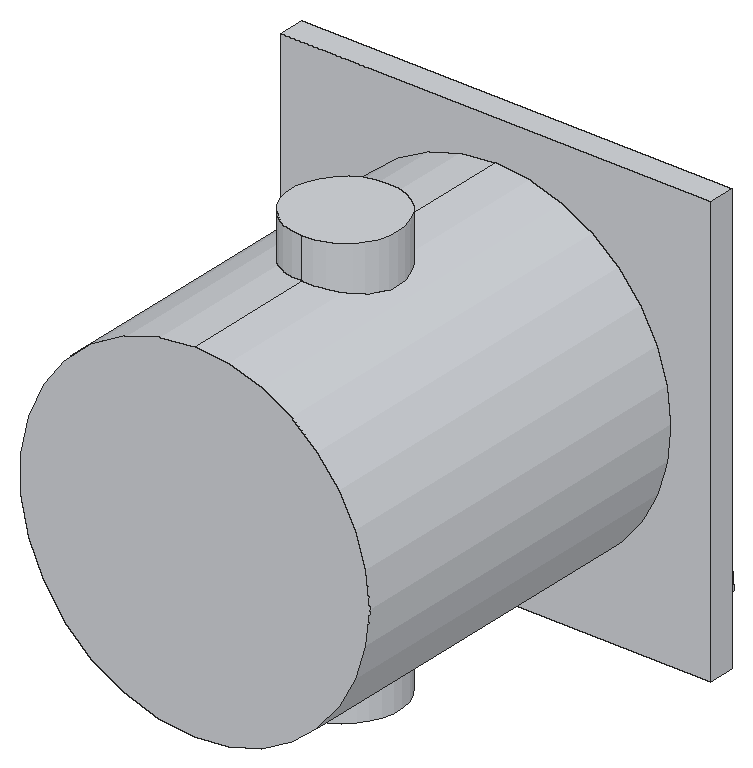
Revit family "LS_Ausschalter_V1700", category Lichtschalter, Revit 2017
Family settings
  Beschriftungsausrichtung beibehalten = Nein
  Bemaßung runder Anschluss = Durchmesser verwenden
  Teiletyp = Schalter
  OmniClass-Nummer = 23.80.70.00
  OmniClass-Titel = Lighting
  Arbeitsebenenbasiert = Nein
  Immer vertikal = Ja
  Beim Laden mit Abzugskörper schneiden = Nein
  Gemeinsam genutzt = Nein
  Raumberechnungspunkt = Nein
Parameters (values of type "UFK")
  pbr_Material_KZ = ""
  pbr_Material = none
  pbr_E_Typ = ""
  pbr_E_KZ = ""
  pbr_DINBild = 0
  pbr_Bild = 0
  pbr_3Dx_Delta_Korrekturversatz [instance] = 0 mm
  pbr_3DX_Versatzfaktor [instance] = 0
  pbr_2DY_Versatzfaktor [instance] = 0
  pbr_2DX_Versatzfaktor [instance] = 0
  lfd_STRK [instance] = 0
  cpiFitMatchKey [instance] = "E-LS-SCH-1"
  Zentrale [instance] = ""
  UFK [instance] = yes
  Typ [instance] = ""
  Text3 [instance] = ""
  Text2 [instance] = ""
  Text1 [instance] = ""
  Schaltgruppe2 [instance] = 0
  Schaltgruppe1 [instance] = 0
  Planungsbüro Rohling = "www.pbr.de"
  Netzart = ""
  Menge(Dosenzahl) [instance] = 0
  Linie/Anschluss [instance] = ""
  Lastklassifizierung = none
  Installationsart [instance] = ""
  Info [instance] = ""
  IFC = ""
  Gewerk [instance] = "Schalt"
  Eckversatz [instance] = 0 mm
  YFrontversatz [instance] = if(pbr_2DY_Versatzfaktor = 300, 0 mm, pbr_2DY_Versatzfaktor * 300 mm)  # 0 mm
  XSeitenversatz [instance] = if(pbr_2DX_Versatzfaktor = 0, 3000 mm, 3000 mm + (pbr_2DX_Versatzfaktor * 300 mm)) + Eckversatz  # 3000 mm
  R_Leerrohranschluss = 10 mm
  Niveau [instance] = 1100 mm
  Dosentiefe = 70 mm  # constant formula
  Dosenradius = 65 mm / 2  # 32.5 mm
  D_Leerrohranschluss = 2 * R_Leerrohranschluss  # 20 mm
  Breite = 80 mm
  BRK [instance] = no
  Ausschalter mit Leuchte = no
  Ausschalter UFK = yes
  Ausschalter BRK = no
  Ausschalter 2-polig mit Leuchte = no
  Ausschalter 2-polig = no
  Ausschalter = no
  3DX_Versatzkontrolle [instance] = if(pbr_3DX_Versatzfaktor = 0, (pbr_2DX_Versatzfaktor * -1), (((-1 * pbr_3DX_Versatzfaktor) + pbr_2DX_Versatzfaktor) * -1))  # 0
  3DX_Versatz [instance] = if([3DX_Versatzkontrolle] = 0, 2000 mm, 2000 mm + ([3DX_Versatzkontrolle] * (300 mm - Breite))) + pbr_3Dx_Delta_Korrekturversatz  # 2000 mm
  Platzierrahmen [instance] = no
Types (6, lengths in mm): name | cpiFitMatchKey | UFK | BRK | Ausschalter mit Leuchte | Ausschalter UFK | Ausschalter BRK | Ausschalter 2-polig mit Leuchte | Ausschalter 2-polig | Ausschalter
  allgemein | "E-LS-SCH-1" | no | no | no | no | no | no | no | yes
  2polig | "E-LS-SCH-2" | no | no | no | no | no | no | yes | no
  2polig_Leuchte | "E-LS-SCH-2" | no | no | no | no | no | yes | no | no
  Leuchte | "E-LS-SCH-1" | no | no | yes | no | no | no | no | no
  BRK | "E-LS-SCH-1" | no | yes | no | no | yes | no | no | no
  UFK | "E-LS-SCH-1" | yes | no | no | yes | no | no | no | no
Reference planes
  plane 1 "Mitte (Vorne/Hinten)": y = 0
  plane 2: z = 0
  plane 3 "Mitte (Links/Rechts)": x = 0
  plane 4: x = 178.273
  plane 5: x = 428.273
  plane 6: y = 300
  plane 7 "Schalterhinten": y = 0
  plane 8: x = 303.273
  plane 9: x = 263.273
  plane 10: x = 343.273
  plane 11: z = 1140
  plane 12: z = 1060
  plane 13 "SchalterVorne": y = 5
  plane 14 "3DSchalterMitte": x = 303.273
  plane 15: z = 1100
  plane 16: y = -70
  plane 17: y = -35
  plane 18: x = -2696.727
  plane 19: x = 1045
Forms (mm)
  Extrusion 1, solid
    sketch origin (0, 20, 0) x (0, 0, 1) y (-1, 0, 0)
      loop
        line (1060, -263.273) -> (1060, -343.273) -> (1140, -343.273) -> (1140, -263.273) -> (1060, -263.273)
    from 15 to 20
  Sweep 2, solid
    path origin (303.273, 0, 0) x (0, 0, 1) y (0, -1, 0)
      loop
        line (1100, 0) -> (1100, 70)
    profile origin (303.273, -35, 1100) x (0, 0, -1) y (1, 0, 0)
      loop
        circle (0, 0) r 32.5
  Sweep 3, solid
    path origin (0, 0, 0) x (1, 0, 0) y (0, 1, 0)
      loop
        line (270.773, 0) -> (335.773, 0)
    profile origin (303.273, 0, 0) x (0, 1, 0) y (0, 0, 1)
      loop
        line (5, 1135) -> (5, 1066.102) -> (14.712, 1066.102) -> (7.47, 1135) -> (5, 1135)
  Sweep 4, solid
    path origin (303.273, 0, 0) x (0, 0, 1) y (0, -1, 0)
      loop
        line (1060, 35) -> (1140, 35)
    profile origin (303.273, -35, 1100) x (0, -1, 0) y (1, 0, 0)
      loop
        circle (0, 0) r 10
Cuts and joins
  joined: Sweep 2, Sweep 4
  joined: Extrusion 1, Sweep 3
Lines and regions (mm)
  model lines, visible <- "Platzierrahmen"
    curve 1: line (178.273, 300, 0) -> (178.273, 0, 0)
    curve 2: line (428.273, 300, 0) -> (178.273, 300, 0)
    curve 3: line (428.273, 0, 0) -> (428.273, 300, 0)
Dimensions and locks
  plane 4 to plane 5 = 250 mm
  plane 6 to plane 7 "Schalterhinten" = 300 mm
  equal spacing: plane 4, plane 8, plane 5, locked at 125 each
  "YFrontversatz": plane 1 "Mitte (Vorne/Hinten)" to plane 7 "Schalterhinten"
  plane 10 to plane 9 = 80 mm
  plane 11 to plane 12 = 80 mm
  equal spacing: plane 10, plane 14 "3DSchalterMitte", plane 9
  equal spacing: plane 11, plane 15, plane 12
  "Niveau": plane 15 to level
  "Dosentiefe": plane 1 "Mitte (Vorne/Hinten)" to plane 16
  plane 13 "SchalterVorne" to plane 1 "Mitte (Vorne/Hinten)" = 5 mm
  equal spacing: plane 16, plane 17, plane 1 "Mitte (Vorne/Hinten)"
  Sweep 3 sketch curve to plane 11 = 5 mm
  locked: plane 8 to nested 2
  locked: plane 7 "Schalterhinten" to nested 2
  locked: plane 8 to nested 1
  locked: plane 7 "Schalterhinten" to nested 1
  locked: plane 8 to nested 3
  locked: plane 7 "Schalterhinten" to nested 3
  locked: plane 8 to nested 4
  locked: plane 7 "Schalterhinten" to nested 4
  "Breite": plane 10 to plane 9
  locked: plane 18 to plane 14 "3DSchalterMitte" at 3000
  "XSeitenversatz": plane 18 to plane 8
  "Dosenradius": radius of Sweep 2 sketch curve
  "R_Leerrohranschluss": radius of Sweep 4 sketch curve
  aligned and locked: level to plane 2
  aligned and locked: curve 1 to plane 4
  aligned and locked: curve 2 to plane 6
  aligned and locked: plane 5 to curve 3
  aligned and locked: plane 12 to Extrusion 1 sketch curve
  aligned and locked: Extrusion 1 sketch curve to plane 9
  aligned and locked: Extrusion 1 sketch curve to plane 11
  aligned and locked: plane 10 to Extrusion 1 sketch curve
  aligned and locked: plane 1 "Mitte (Vorne/Hinten)" to Extrusion 1
  aligned and locked: Extrusion 1 to plane 13 "SchalterVorne"
  aligned and locked: nested 5 to plane 8
  aligned and locked: plane 7 "Schalterhinten" to nested 5
  aligned and locked: nested 6 to plane 8
  aligned and locked: nested 1 to nested 6
  aligned and locked: nested 7 to plane 8
  aligned and locked: plane 7 "Schalterhinten" to nested 7
  aligned and locked: nested 8 to plane 8
  aligned and locked: plane 7 "Schalterhinten" to nested 8
Automatic sketch dimensions
  Sweep 2 sketch curve to plane 15 = 0 mm
  Sweep 2 sketch curve to plane 1 "Mitte (Vorne/Hinten)" = 0 mm
  Sweep 2 sketch curve to plane 16 = 0 mm
  plane 1 "Mitte (Vorne/Hinten)" to Sweep 3 sketch curve = 0 mm
  plane 9 to Sweep 3 sketch curve = 7.5 mm
  Sweep 3 sketch curve to plane 10 = 7.5 mm
  Sweep 3 sketch curve to profile plane = 7.47 mm
  Sweep 3 sketch curve to profile plane = 14.712 mm
  Sweep 3 sketch curve to profile plane = 5 mm
  Sweep 3 sketch curve to Sweep 3 sketch curve = 68.898 mm
  Sweep 4 sketch curve to plane 12 = 0 mm
  plane 11 to Sweep 4 sketch curve = 0 mm
  Sweep 4 sketch curve to plane 17 = 0 mm
  Sweep 2 sketch curve to plane 14 "3DSchalterMitte" = 0 mm
  Sweep 2 sketch curve to profile plane = 0 mm
  Sweep 4 sketch curve to plane 14 "3DSchalterMitte" = 0 mm
  Sweep 4 sketch curve to profile plane = 0 mm
  curve 1 to plane 7 "Schalterhinten" = 0 mm
  curve 3 to plane 7 "Schalterhinten" = 0 mm
Nested families
  nested 1: "Ausschalter mit Leuchte" at (303.273, 0, 0), visible <- "Ausschalter mit Leuchte", type "Ausschalter mit Leuchte"
  nested 2: "Ausschalter 2-polig" at (303.273, 0, 0), visible <- "Ausschalter 2-polig", type "Ausschalter 2-polig"
  nested 3: "Ausschalter" at (303.273, 0, 0), visible <- "Ausschalter", type "Ausschalter"
  nested 4: "Ausschalter 2-polig mit Leuchte" at (303.273, 0, 0), visible <- "Ausschalter 2-polig mit Leuchte", type "Ausschalter 2-polig mit Leuchte"
  nested 5: "Ausschalter BRK" at (303.273, 0, 0), visible <- "Ausschalter BRK", type "Ausschalter BRK"
  nested 6: "Ausschalter UFK" at (303.273, 0, 0), visible <- "Ausschalter UFK", type "Ausschalter UFK"
  nested 7: "BRK-zy" at (303.273, 0, 0), visible <- "BRK", type "BRK-zy"
  nested 8: "UFK" at (303.273, 0, 0), visible <- "UFK", type "UFK"
Connectors
  electrical at (303.273, -35, 1140)
    settings: on cut or joined group of Sweep 2, Sweep 4, index 3, voltage 230 V, apparent load 0 VA, apparent load phase1 0 VA, apparent load phase2 0 VA, apparent load phase3 0 VA, power factor 1, load classification "Standard", number of poles 1, system type 31, power factor state 1, is connector primary yes, connector utility no, sub classification motor no, connector description ""
  cabletrayconduit at (303.273, -35, 1140), diameter 20, driven by "D_Leerrohranschluss"
    settings: on cut or joined group of Sweep 2, Sweep 4, index 4, connector width 300 mm, connector height 300 mm, connector angle 0.00°, system type 32, placement type 0, profile type 0, connector reference index -1, is primary connector yes, connector utility param no, connector description ""
  cabletrayconduit at (303.273, -35, 1060), diameter 20, driven by "D_Leerrohranschluss"
    settings: on cut or joined group of Sweep 2, Sweep 4, index 5, connector width 300 mm, connector height 300 mm, connector angle 0.00°, system type 32, placement type 0, profile type 0, connector reference index -1, is primary connector no, connector utility param no, connector description ""
Definition of nested family "Ausschalter mit Leuchte"
  Reference planes
    plane 1 "Mitte (Vorne/Hinten)": y = 0
    plane 2: z = 0
    plane 3 "Mitte (Links/Rechts)": x = 0
  Lines and regions (mm)
    detail lines, in view "Referenzebene"
      curve 1: circle (-0.302, 66.709, 0) r 66.5 normal (0, 0, 1)
      curve 2: line (30.847, 125.463, 0) -> (152.751, 267.436, 0)
      curve 3: line (152.751, 267.436, 0) -> (196.851, 222.939, 0)
      curve 4: line (-47.324, 113.732, 0) -> (46.721, 19.686, 0)
      curve 5: line (-47.324, 19.686, 0) -> (46.721, 113.732, 0)
Definition of nested family "Ausschalter 2-polig"
  Reference planes
    plane 1 "Mitte (Vorne/Hinten)": y = 0
    plane 2: z = 0
    plane 3 "Mitte (Links/Rechts)": x = 0
  Lines and regions (mm)
    detail lines, in view "Referenzebene"
      curve 1: circle (-0.079, 66.5, 0) r 66.5 normal (0, 0, 1)
      curve 2: line (31.07, 125.254, 0) -> (152.973, 267.227, 0)
      curve 3: line (152.973, 267.227, 0) -> (197.074, 222.73, 0)
      curve 4: line (125.871, 235.663, 0) -> (167.809, 193.725, 0)
Definition of nested family "Ausschalter"
  Parameters (values of type "Ausschalter")
    1 polig = yes
  Reference planes
    plane 1 "Mitte (Vorne/Hinten)": y = 0
    plane 2: z = 0
    plane 3 "Mitte (Links/Rechts)": x = 0
    plane 4: y = 0
    plane 5: x = 0
  Lines and regions (mm)
    detail lines, in view "Referenzebene"
      curve 1: circle (0, 67, 0) r 67 normal (0, 0, 1)
    detail lines, in view "Referenzebene", visible <- "1 polig"
      curve 2: line (28.782, 127.503, 0) -> (134.873, 279.016, 0)
      curve 3: line (134.873, 279.016, 0) -> (182.064, 238.496, 0)
Definition of nested family "Ausschalter 2-polig mit Leuchte"
  Reference planes
    plane 1 "Mitte (Vorne/Hinten)": y = 0
    plane 2: z = 0
    plane 3 "Mitte (Links/Rechts)": x = 0
  Lines and regions (mm)
    detail lines, in view "Referenzebene"
      curve 1: circle (-0.208, 66.5, 0) r 66.5 normal (0, 0, 1)
      curve 2: line (30.941, 125.254, 0) -> (152.845, 267.227, 0)
      curve 3: line (152.845, 267.227, 0) -> (196.945, 222.73, 0)
      curve 4: line (-47.23, 113.523, 0) -> (46.815, 19.477, 0)
      curve 5: line (-47.23, 19.477, 0) -> (46.815, 113.523, 0)
      curve 6: line (125.743, 235.663, 0) -> (167.68, 193.725, 0)
Definition of nested family "Ausschalter BRK"
  Reference planes
    plane 1 "Mitte (Vorne/Hinten)": y = 0
    plane 2: z = 0
    plane 3 "Mitte (Links/Rechts)": x = 0
  Lines and regions (mm)
    detail lines, in view "Referenzebene"
      curve 1: circle (0, 66.5, 0) r 66.5 normal (0, 0, 1)
      curve 2: line (31.149, 125.254, 0) -> (153.052, 267.227, 0)
      curve 3: line (153.052, 267.227, 0) -> (197.153, 222.73, 0)
Definition of nested family "Ausschalter UFK"
  Reference planes
    plane 1 "Mitte (Vorne/Hinten)": y = 0
    plane 2: z = 0
    plane 3 "Mitte (Links/Rechts)": x = 0
  Lines and regions (mm)
    detail lines, in view "Referenzebene"
      curve 1: circle (0, 66.5, 0) r 66.5 normal (0, 0, 1)
      curve 2: line (31.149, 125.254, 0) -> (153.052, 267.227, 0)
      curve 3: line (153.052, 267.227, 0) -> (197.153, 222.73, 0)
Definition of nested family "BRK-zy"
  Reference planes
    plane 1 "Mitte (Vorne/Hinten)": y = 0
    plane 2: z = 0
    plane 3 "Mitte (Links/Rechts)": x = 0
  Lines and regions (mm)
    Filled region 1, type "Beton", in view "Referenzebene"
      outline origin (539.15, -158.575, 0) x (1, 0, 0) y (0, 1, 0)
        loop
          line (-638.04, 266.989) -> (-679.15, 266.989) -> (-679.15, 158.574) -> (-636.316, 158.574)
          spline (-636.316, 158.574) -> (-626.443, 159.267) -> (-617.971, 161.014) -> (-610.613, 164.279) -> (-606.012, 167.95) -> (-602.271, 172.689) -> (-599.32, 178.439) -> (-597.676, 185.155) -> (-597.459, 192.969) -> (-599.449, 201.042) -> (-604.127, 208.289) -> (-610.999, 213.484) -> (-617.681, 216.267)
          line (-617.681, 216.267) -> (-615.846, 217.243)
          spline (-615.846, 217.243) -> (-609.205, 222.214) -> (-605.4, 227.651) -> (-603.344, 233.155) -> (-602.636, 238.364) -> (-602.9, 243.186) -> (-603.939, 247.729) -> (-606.044, 252.309) -> (-609.139, 256.732) -> (-612.692, 260.237) -> (-617.076, 263.006) -> (-623.895, 265.483) -> (-638.04, 266.989)
        loop
          spline (-639.726, 221.457) -> (-630.222, 222.068) -> (-624.194, 223.986) -> (-620.343, 226.832) -> (-617.917, 230.087) -> (-616.735, 234.29) -> (-616.741, 239.406) -> (-617.907, 244.45) -> (-620.283, 248.699) -> (-623.991, 251.689) -> (-629.277, 253.374) -> (-636.36, 254.063) -> (-642.321, 254.177)
          line (-642.321, 254.177) -> (-664.789, 254.177) -> (-664.789, 221.457) -> (-639.726, 221.457)
        loop
          line (-638.674, 208.641) -> (-664.895, 208.641) -> (-664.895, 170.848) -> (-637.406, 170.848)
          spline (-637.406, 170.848) -> (-627.776, 171.794) -> (-621.65, 173.798) -> (-617.559, 176.472) -> (-614.522, 180.469) -> (-612.377, 185.516) -> (-612.088, 190.343) -> (-612.596, 194.957) -> (-614.808, 200.028) -> (-618.382, 204.115) -> (-622.557, 206.293) -> (-628.787, 207.83) -> (-638.674, 208.641)
        loop
          line (-529.551, 266.973) -> (-578.398, 266.973) -> (-578.398, 158.608) -> (-564.066, 158.608) -> (-564.066, 206.696) -> (-546.23, 206.696)
          spline (-546.23, 206.696) -> (-542.191, 206.527) -> (-539.274, 206.111) -> (-537.247, 205.585) -> (-535.877, 205.087) -> (-534.938, 204.695) -> (-534.214, 204.325) -> (-533.493, 203.862) -> (-532.563, 203.192) -> (-531.264, 202.178) -> (-529.555, 200.626) -> (-527.414, 198.338) -> (-524.816, 195.112)
          line (-524.816, 195.112) -> (-500.934, 158.577) -> (-482.891, 158.577) -> (-503.364, 190.735)
          spline (-503.364, 190.735) -> (-505.698, 193.612) -> (-507.539, 195.86) -> (-508.99, 197.598) -> (-510.154, 198.947) -> (-511.136, 200.025) -> (-512.039, 200.952) -> (-512.967, 201.843) -> (-514.039, 202.771) -> (-515.38, 203.79) -> (-517.113, 204.948) -> (-519.363, 206.298) -> (-522.255, 207.89)
          line (-522.255, 207.89) -> (-517.893, 208.581)
          spline (-517.893, 208.581) -> (-507.849, 211.731) -> (-500.623, 216.482) -> (-495.789, 222.528) -> (-492.986, 229.331) -> (-491.884, 236.223) -> (-492.205, 242.682) -> (-493.829, 248.65) -> (-496.671, 254.157) -> (-500.736, 259.042) -> (-506.15, 262.907) -> (-514.311, 265.505) -> (-529.551, 266.973)
        loop
          line (-529.897, 255.069) -> (-564.066, 255.069) -> (-564.066, 219.325) -> (-529.066, 219.325)
          spline (-529.066, 219.325) -> (-520.275, 220.284) -> (-515.034, 222.484) -> (-511.481, 225.117) -> (-509.013, 228.173) -> (-507.352, 231.791) -> (-506.482, 235.802) -> (-506.506, 239.893) -> (-507.557, 243.86) -> (-509.811, 247.662) -> (-513.523, 251.217) -> (-519.726, 253.966) -> (-529.897, 255.069)
        loop
          line (-456.682, 267.004) -> (-471.06, 267.004) -> (-471.06, 158.59) -> (-456.682, 158.59) -> (-456.682, 196.142) -> (-438.905, 213.442) -> (-400.297, 158.575) -> (-381.383, 158.575) -> (-428.872, 223.042) -> (-383.36, 266.992) -> (-402.775, 266.992) -> (-456.682, 213.085) -> (-456.682, 267.004)
    detail lines, in view "Referenzebene"
      curve 1: line (-24.916, 96.493, 0) -> (-24.916, 60.749, 0)
Definition of nested family "UFK"
  Reference planes
    plane 1 "Mitte (Vorne/Hinten)": y = 0
    plane 2: z = 0
    plane 3 "Mitte (Links/Rechts)": x = 0
  Lines and regions (mm)
    Filled region 1, type "Beton", in view "Referenzebene"
      outline origin (439.043, -708.358, 0) x (1, 0, 0) y (0, 1, 0)
        loop
          line (-479.713, 828.704) -> (-479.713, 708.358) -> (-464.043, 708.358) -> (-464.043, 764.158) -> (-408.58, 764.158) -> (-408.58, 778.049) -> (-464.043, 778.049) -> (-464.043, 814.747) -> (-399.9, 814.747) -> (-399.9, 828.704) -> (-479.713, 828.704)
        loop
          line (-366.002, 828.704) -> (-384.463, 828.704) -> (-384.463, 708.358) -> (-366.002, 708.358) -> (-366.002, 751.381) -> (-346.514, 770.2) -> (-303.212, 708.358) -> (-283.212, 708.358) -> (-335.573, 780.766) -> (-285.932, 828.704) -> (-307.073, 828.704) -> (-366.002, 769.775) -> (-366.002, 828.704)
        loop
          line (-582.609, 828.704) -> (-598.269, 828.704) -> (-598.269, 764.158)
          spline (-598.269, 764.158) -> (-595.279, 734.887) -> (-587.263, 721.01) -> (-579.125, 714.285) -> (-570.883, 710.856) -> (-560.782, 708.909) -> (-549.303, 708.266) -> (-537.956, 709.506) -> (-527.694, 712.819) -> (-519.135, 718.227) -> (-512.38, 726.139) -> (-507.336, 738.101) -> (-505.239, 762.397)
          line (-505.239, 762.397) -> (-505.239, 828.704) -> (-520.239, 828.704) -> (-520.239, 768.704)
          spline (-520.239, 768.704) -> (-523.252, 739.877) -> (-529.81, 728.792) -> (-536.358, 725.028) -> (-542.513, 723.17) -> (-550.315, 722.421) -> (-558.636, 722.79) -> (-565.777, 724.492) -> (-572.051, 727.597) -> (-577.438, 732.766) -> (-580.996, 741.573) -> (-582.394, 755.323) -> (-582.609, 774.672)
          line (-582.609, 774.672) -> (-582.609, 828.704)
    detail lines, in view "Referenzebene"
      curve 1: line (-25, 106.389, 0) -> (-25, 69.691, 0)
